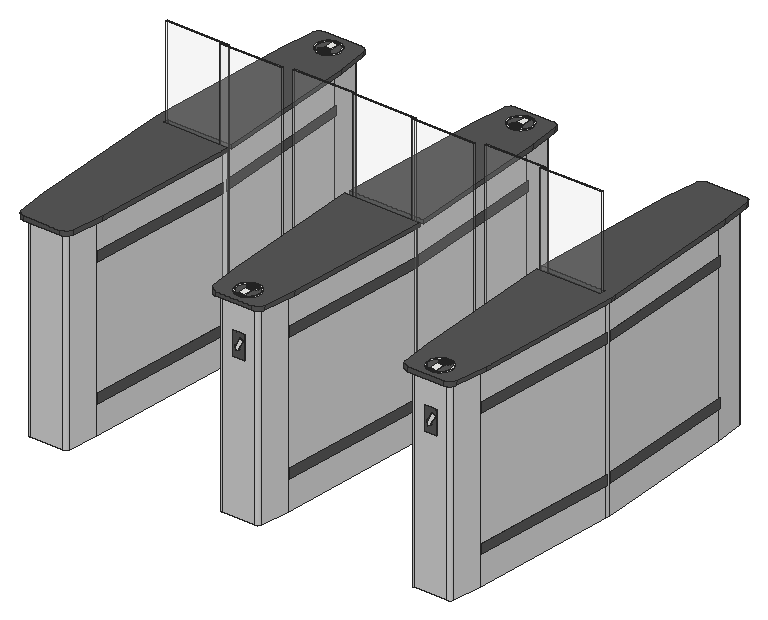
Revit family "ST-02", category Generic Models, Revit 2019 (continued)
Definition of nested family "Section Bilateral-STD02 600"
  Automatic sketch dimensions
    Extrusion 4 sketch curve to Extrusion 4 sketch curve = 40 mm  (x2)
    Extrusion 4 sketch curve to plane 1 "По центру (Вперед/Назад)" = 15 mm
    plane 6 to Extrusion 4 sketch curve = 10.102 mm  (x2)
    Extrusion 4 sketch curve to plane 7 = 10.102 mm  (x2)
    plane 1 "По центру (Вперед/Назад)" to Extrusion 1 sketch curve = 10 mm  (x2)
    Extrusion 1 sketch curve to plane 4 = 6723.064 mm
    Extrusion 1 sketch curve to plane 1 "По центру (Вперед/Назад)" = 10 mm  (x2)
    Extrusion 1 sketch curve to Extrusion 1 sketch curve = 0 mm  (x3)
    plane 6 to Extrusion 1 sketch curve = 39.933 mm  (x2)
    plane 6 to Extrusion 1 sketch curve = 77.834 mm  (x2)
    plane 3 "По центру (Влево/Вправо)" to Extrusion 1 sketch curve = 83.166 mm
    Extrusion 1 sketch curve to plane 7 = 77.834 mm
    Extrusion 1 sketch curve to plane 7 = 39.933 mm  (x2)
    plane 5 to Extrusion 1 sketch curve = 6723.064 mm
    plane 1 "По центру (Вперед/Назад)" to Extrusion 1 sketch curve = 760.641 mm
    Extrusion 1 sketch curve to Extrusion 1 sketch curve = 150.859 mm  (x3)
    Extrusion 1 sketch curve to Extrusion 1 sketch curve = 20 mm  (x2)
    Extrusion 1 sketch curve to plane 1 "По центру (Вперед/Назад)" = 760.641 mm
    radius of Extrusion 7 sketch curve = 55 mm
    radius of Extrusion 8 sketch curve = 55 mm
  Nested families
    nested 1: "Sash for section" at (0, 0, 250), type "Sash 300"
  Definition of nested family "Sash for section"
    Parameters (values of type "Sash 470")
      Width = 470 mm
    Types (2, lengths in mm): name | Width
      Sash 300 | 320
      Sash 470 | 470
    Reference planes
      plane 1 "По центру (Вперед/Назад)": y = 0
      plane 2: z = 0
      plane 3 "По центру (Влево/Вправо)": x = 0
      plane 4: x = -160
      plane 5: x = 310
    Forms (mm)
      Extrusion 1, solid
        sketch origin (0, 0, 0) x (1, 0, 0) y (0, 0, 1)
          loop
            line (-160, 0) -> (310, 0) -> (310, 1232) -> (-160, 1232) -> (-160, 0)
        from -5 to 5
    Dimensions and locks
      "Width": plane 4 to plane 5
      locked: plane 4 to plane 3 "По центру (Влево/Вправо)" at 160
      aligned and locked: level to plane 2
    Automatic sketch dimensions
      plane 4 to Extrusion 1 sketch curve = 0 mm
      Extrusion 1 sketch curve to level = 0 mm
      plane 5 to Extrusion 1 sketch curve = 0 mm
      level to Extrusion 1 sketch curve = 1232 mm
Definition of nested family "Section Slave-ST02 600"
  Parameters (values of type "Section Slave-ST02 600")
    Section width = 382 mm
    Bottom Width = Section width - 60 mm  # 322 mm
    Throughput rate = "60 persons/min"
    Operating temperature = "from +1°С to +50°С"
    Electrical connection = "220 V"
    Top [instance] = yes
    URL = "https://www.perco.com/products/st-02-speed-gate-with-standard-sliding-panels.php"
    Manufacturer = "PERCo"  # constant formula
    Dimensions = "1923×1364×1482 mm with 600 mm sliding panels"
    Current = "8,5 A"
    Rated power = "204 W"
    Operating voltage = "24 V DC"
    Name = "ST-02 Speed gate"
    Full name = "ST-02 Speed Gate"
    Material = "Sections – stainless steel.  \r\nTop covers, sliding panels, filler panels – 10 mm tempered glass."
    Weight = "from 424 kg"
    Number = 1
    Unit of measurement = "pcs"
  Reference planes
    plane 1 "По центру (Вперед/Назад)": y = 0
    plane 2: z = 0
    plane 3 "По центру (Влево/Вправо)": x = 0
    plane 4: x = -161
    plane 5: x = 161
    plane 6: x = 191
    plane 7: x = -191
  Forms (mm)
    Extrusion 1, solid
      sketch origin (0, 0, 0) x (-1, 0, 0) y (0, -1, 0)
        loop
          line (-83.166, -931.5) -> (83.166, -931.5)
          arc (83.166, -931.5) -> (96.374, -926.519) -> (103.002, -914.056) r 20
          arc (103.002, -914.056) -> (112.453, -837.397) -> (121.067, -760.641) r 7075.064
          line (121.067, -760.641) -> (-121.067, -760.641)
          arc (-121.067, -760.641) -> (-112.453, -837.397) -> (-103.002, -914.056) r 7075.064
          arc (-103.002, -914.056) -> (-96.374, -926.519) -> (-83.166, -931.5) r 20
        loop
          arc (-83.166, 931.5) -> (-96.374, 926.519) -> (-103.002, 914.056) r 20
          arc (-103.002, 914.056) -> (-112.453, 837.397) -> (-121.067, 760.641) r 7075.064
          line (-121.067, 760.641) -> (121.067, 760.641)
          arc (121.067, 760.641) -> (112.453, 837.397) -> (103.002, 914.056) r 7075.064
          arc (103.002, 914.056) -> (96.374, 926.519) -> (83.166, 931.5) r 20
          line (83.166, 931.5) -> (-83.166, 931.5)
      from 0 to 1000
    Extrusion 2, solid
      sketch origin (0, 0, 0) x (-1, 0, 0) y (0, -1, 0)
        loop
          arc (-121.067, 760.641) -> (-151.01, 385.851) -> (-161, 10) r 7075.064
          line (-161, 10) -> (-161, -10)
          arc (-161, -10) -> (-151.01, -385.851) -> (-121.067, -760.641) r 7075.064
          line (-121.067, -760.641) -> (121.067, -760.641)
          arc (121.067, -760.641) -> (151.01, -385.851) -> (161, -10) r 7075.064
          line (161, -10) -> (161, 10)
          arc (161, 10) -> (151.01, 385.851) -> (121.067, 760.641) r 7075.064
          line (121.067, 760.641) -> (-121.067, 760.641)
      from 0 to 1000
    Extrusion 3, void
      sketch origin (0, 0, 0) x (-1, 0, 0) y (0, -1, 0)
        loop
          line (-136, 15) -> (-136, -15) -> (191, -15) -> (191, 15) -> (-136, 15)
      from 250 to 1000
    Extrusion 4, solid
      sketch origin (0, 0, 0) x (-1, 0, 0) y (0, -1, 0)
        loop
          line (-191, 10) -> (-191, -10)
          arc (-191, -10) -> (-180.967, -387.445) -> (-150.898, -763.824) r 7105.064
          arc (-150.898, -763.824) -> (-141.729, -845.298) -> (-131.62, -926.661) r 7105.064
          arc (-131.62, -926.661) -> (-118.351, -951.553) -> (-91.955, -961.5) r 40
          line (-91.955, -961.5) -> (91.955, -961.5)
          arc (91.955, -961.5) -> (118.351, -951.553) -> (131.62, -926.661) r 40
          arc (131.62, -926.661) -> (141.729, -845.298) -> (150.898, -763.824) r 7105.064
          arc (150.898, -763.824) -> (180.834, -389.941) -> (190.998, -15) r 7105.064
          line (190.998, -15) -> (-136, -15) -> (-136, 15) -> (190.998, 15)
          arc (190.998, 15) -> (180.834, 389.941) -> (150.898, 763.824) r 7105.064
          arc (150.898, 763.824) -> (141.729, 845.298) -> (131.62, 926.661) r 7105.064
          arc (131.62, 926.661) -> (118.351, 951.553) -> (91.955, 961.5) r 40
          line (91.955, 961.5) -> (-91.955, 961.5)
          arc (-91.955, 961.5) -> (-118.351, 951.553) -> (-131.62, 926.661) r 40
          arc (-131.62, 926.661) -> (-141.729, 845.298) -> (-150.898, 763.824) r 7105.064
          arc (-150.898, 763.824) -> (-180.967, 387.445) -> (-191, 10) r 7105.064
      from 1000 to 1021
    Extrusion 5, solid
      sketch origin (0, 0, 0) x (-1, 0, 0) y (0, -1, 0)
        loop
          line (-121.067, 760.641) -> (-126.095, 760.641)
          arc (-126.095, 760.641) -> (-155.884, 388.347) -> (-165.998, 15) r 7080.064
          line (-165.998, 15) -> (-160.998, 15)
          arc (-160.998, 15) -> (-150.876, 388.347) -> (-121.067, 760.641) r 7075.064
        loop
          line (160.998, 15) -> (165.998, 15)
          arc (165.998, 15) -> (155.884, 388.347) -> (126.095, 760.641) r 7080.064
          line (126.095, 760.641) -> (121.067, 760.641)
          arc (121.067, 760.641) -> (150.876, 388.347) -> (160.998, 15) r 7075.064
        loop
          line (-160.998, -15) -> (-165.998, -15)
          arc (-165.998, -15) -> (-155.884, -388.347) -> (-126.095, -760.641) r 7080.064
          line (-126.095, -760.641) -> (-121.067, -760.641)
          arc (-121.067, -760.641) -> (-150.876, -388.347) -> (-160.998, -15) r 7075.064
        loop
          line (121.067, -760.641) -> (126.095, -760.641)
          arc (126.095, -760.641) -> (155.884, -388.347) -> (165.998, -15) r 7080.064
          line (165.998, -15) -> (160.998, -15)
          arc (160.998, -15) -> (150.876, -388.347) -> (121.067, -760.641) r 7075.064
      from 800 to 850
    Extrusion 6, solid
      sketch origin (0, 0, 0) x (-1, 0, 0) y (0, -1, 0)
        loop
          line (-121.067, 760.641) -> (-126.095, 760.641)
          arc (-126.095, 760.641) -> (-155.884, 388.347) -> (-165.998, 15) r 7080.064
          line (-165.998, 15) -> (-160.998, 15)
          arc (-160.998, 15) -> (-150.876, 388.347) -> (-121.067, 760.641) r 7075.064
        loop
          line (160.998, 15) -> (165.998, 15)
          arc (165.998, 15) -> (155.884, 388.347) -> (126.095, 760.641) r 7080.064
          line (126.095, 760.641) -> (121.067, 760.641)
          arc (121.067, 760.641) -> (150.876, 388.347) -> (160.998, 15) r 7075.064
        loop
          line (-160.998, -15) -> (-165.998, -15)
          arc (-165.998, -15) -> (-155.884, -388.347) -> (-126.095, -760.641) r 7080.064
          line (-126.095, -760.641) -> (-121.067, -760.641)
          arc (-121.067, -760.641) -> (-150.876, -388.347) -> (-160.998, -15) r 7075.064
        loop
          line (121.067, -760.641) -> (126.095, -760.641)
          arc (126.095, -760.641) -> (155.884, -388.347) -> (165.998, -15) r 7080.064
          line (165.998, -15) -> (160.998, -15)
          arc (160.998, -15) -> (150.876, -388.347) -> (121.067, -760.641) r 7075.064
      from 150 to 200
    Extrusion 7, solid, visible <- "Top"
      sketch origin (0, -41.5, 0) x (-1, 0, 0) y (0, -1, 0)
        loop
          circle (0, 830) r 60
        loop
          circle (0, 830) r 55
        loop
          line (0, 874.437) -> (-15, 874.437) -> (-15, 824.437) -> (15, 824.437) -> (15, 874.437) -> (0, 874.437)
        loop
          arc (-15, 814.437) -> (-17.035, 813.838) -> (-16.435, 811.803) r 1.5
          arc (-16.435, 811.803) -> (0, 807.617) -> (16.435, 811.803) r 34.358
          arc (16.435, 811.803) -> (17.035, 813.838) -> (15, 814.437) r 1.5
          arc (15, 814.437) -> (0, 810.617) -> (-15, 814.437) r 31.358
        loop
          arc (22.354, 805.884) -> (0.116, 797.617) -> (-22.178, 805.734) r 34.358
          arc (-22.178, 805.734) -> (-24.391, 805.819) -> (-24.306, 803.606) r 1.509
          arc (-24.306, 803.606) -> (0.116, 794.617) -> (24.481, 803.757) r 37.358
          arc (24.481, 803.757) -> (24.567, 805.969) -> (22.354, 805.884) r 1.509
        loop
          arc (30.638, 797.6) -> (30.266, 799.688) -> (28.178, 799.316) r 1.5
          arc (28.178, 799.316) -> (0, 784.617) -> (-28.178, 799.316) r 34.358
          arc (-28.178, 799.316) -> (-30.266, 799.688) -> (-30.638, 797.6) r 1.5
          arc (-30.638, 797.6) -> (0, 781.617) -> (30.638, 797.6) r 37.358
      from 1021 to 1022
    Extrusion 8, solid
      sketch origin (0, -41.5, 0) x (-1, 0, 0) y (0, 0, 1)
        loop
          line (0, 855) -> (-30, 855) -> (-30, 735) -> (30, 735) -> (30, 855) -> (0, 855)
        loop
          line (16.618, 786.68) -> (-6.856, 830.828) -> (-15.685, 826.133) -> (-24.515, 821.438) -> (-1.041, 777.291) -> (-5.456, 774.943) -> (16.181, 766.202) -> (21.033, 789.028) -> (16.618, 786.68)
      from -891 to -890
    Extrusion 9, solid
      sketch origin (0, -41.5, 0) x (-1, 0, 0) y (0, 0, 1)
        loop
          line (-15.685, 826.133) -> (-24.515, 821.438) -> (-1.041, 777.291) -> (-5.456, 774.943) -> (16.181, 766.202) -> (21.033, 789.028) -> (16.618, 786.68) -> (-6.856, 830.828) -> (-15.685, 826.133)
      from -891 to -890
  Cuts and joins
    Extrusion 3 cuts Extrusion 2
    Extrusion 3 cuts Extrusion 5
  Dimensions and locks
    equal spacing: plane 4, plane 3 "По центру (Влево/Вправо)", plane 5
    "Bottom Width": plane 4 to plane 5
    plane 6 to plane 7 = 382 mm
    aligned and locked: level to plane 2
    aligned and locked: plane 1 "По центру (Вперед/Назад)" to nested 1
  Automatic sketch dimensions
    Extrusion 2 sketch curve to plane 5 = 0 mm
    Extrusion 2 sketch curve to plane 4 = 0 mm
    Extrusion 2 sketch curve to plane 1 "По центру (Вперед/Назад)" = 10 mm  (x2)
    Extrusion 2 sketch curve to plane 6 = 6723.064 mm
    plane 1 "По центру (Вперед/Назад)" to Extrusion 2 sketch curve = 10 mm  (x2)
    Extrusion 2 sketch curve to Extrusion 2 sketch curve = 0 mm
    Extrusion 2 sketch curve to plane 5 = 39.933 mm  (x2)
    plane 4 to Extrusion 2 sketch curve = 39.933 mm  (x2)
    Extrusion 3 sketch curve to plane 7 = 0 mm
    Extrusion 3 sketch curve to plane 5 = 25 mm
    Extrusion 3 sketch curve to plane 1 "По центру (Вперед/Назад)" = 15 mm
    plane 1 "По центру (Вперед/Назад)" to Extrusion 3 sketch curve = 15 mm
    Extrusion 5 sketch curve to Extrusion 5 sketch curve = 0 mm  (x11)
    plane 1 "По центру (Вперед/Назад)" to Extrusion 5 sketch curve = 10 mm  (x2)
    Extrusion 5 sketch curve to plane 6 = 6723.064 mm
    plane 5 to Extrusion 5 sketch curve = 4.998 mm  (x2)
    Extrusion 5 sketch curve to plane 5 = 0.002 mm  (x2)
    Extrusion 5 sketch curve to plane 5 = 34.905 mm  (x2)
    plane 4 to Extrusion 5 sketch curve = 39.933 mm  (x2)
    Extrusion 5 sketch curve to Extrusion 5 sketch curve = 5.028 mm  (x2)
    plane 4 to Extrusion 5 sketch curve = 0.002 mm  (x2)
    Extrusion 5 sketch curve to plane 1 "По центру (Вперед/Назад)" = 10 mm
    plane 7 to Extrusion 5 sketch curve = 6723.064 mm
    Extrusion 5 sketch curve to plane 1 "По центру (Вперед/Назад)" = 15 mm  (x2)
    plane 1 "По центру (Вперед/Назад)" to Extrusion 5 sketch curve = 15 mm  (x2)
    Extrusion 6 sketch curve to Extrusion 6 sketch curve = 0 mm  (x11)
    plane 1 "По центру (Вперед/Назад)" to Extrusion 6 sketch curve = 10 mm  (x2)
    Extrusion 6 sketch curve to plane 6 = 6723.064 mm
    plane 5 to Extrusion 6 sketch curve = 4.998 mm  (x2)
    Extrusion 6 sketch curve to plane 5 = 0.002 mm  (x2)
    Extrusion 6 sketch curve to plane 5 = 34.905 mm  (x2)
    plane 4 to Extrusion 6 sketch curve = 39.933 mm  (x2)
    Extrusion 6 sketch curve to Extrusion 6 sketch curve = 5.028 mm  (x2)
    plane 4 to Extrusion 6 sketch curve = 0.002 mm  (x2)
    Extrusion 6 sketch curve to plane 1 "По центру (Вперед/Назад)" = 10 mm
    plane 7 to Extrusion 6 sketch curve = 6723.064 mm
    Extrusion 6 sketch curve to plane 1 "По центру (Вперед/Назад)" = 15 mm  (x2)
    plane 1 "По центру (Вперед/Назад)" to Extrusion 6 sketch curve = 15 mm  (x2)
    Extrusion 7 sketch curve to Extrusion 7 sketch curve = 0 mm  (x20)
    Extrusion 7 sketch curve to plane 3 "По центру (Влево/Вправо)" = 0 mm  (x5)
    plane 3 "По центру (Влево/Вправо)" to Extrusion 7 sketch curve = 15 mm
    Extrusion 7 sketch curve to Extrusion 7 sketch curve = 0.718 mm  (x3)
    Extrusion 7 sketch curve to Extrusion 7 sketch curve = 7.607 mm
    Extrusion 7 sketch curve to Extrusion 7 sketch curve = 6.084 mm
    Extrusion 7 sketch curve to plane 3 "По центру (Влево/Вправо)" = 15 mm
    Extrusion 7 sketch curve to Extrusion 7 sketch curve = 7.782 mm
    Extrusion 7 sketch curve to Extrusion 7 sketch curve = 5.908 mm
    plane 1 "По центру (Вперед/Назад)" to Extrusion 7 sketch curve = 839.958 mm
    Extrusion 7 sketch curve to Extrusion 7 sketch curve = 6.294 mm
    Extrusion 7 sketch curve to Extrusion 7 sketch curve = 6.444 mm
    Extrusion 7 sketch curve to Extrusion 7 sketch curve = 8.218 mm
    Extrusion 7 sketch curve to Extrusion 7 sketch curve = 8.368 mm
    Extrusion 7 sketch curve to Extrusion 7 sketch curve = 5.855 mm
    Extrusion 7 sketch curve to Extrusion 7 sketch curve = 11.317 mm
    Extrusion 7 sketch curve to Extrusion 7 sketch curve = 11.025 mm
    Extrusion 7 sketch curve to Extrusion 7 sketch curve = 1.975 mm
    Extrusion 7 sketch curve to Extrusion 7 sketch curve = 10 mm
    Extrusion 7 sketch curve to Extrusion 7 sketch curve = 32.463 mm
    Extrusion 7 sketch curve to Extrusion 7 sketch curve = 1.146 mm  (x2)
    Extrusion 7 sketch curve to Extrusion 7 sketch curve = 0.982 mm
    Extrusion 7 sketch curve to Extrusion 7 sketch curve = 1.23 mm
    Extrusion 7 sketch curve to Extrusion 7 sketch curve = 29.362 mm
    Extrusion 8 sketch curve to plane 3 "По центру (Влево/Вправо)" = 0 mm
    plane 3 "По центру (Влево/Вправо)" to Extrusion 8 sketch curve = 1.041 mm
    Extrusion 8 sketch curve to Extrusion 8 sketch curve = 4.415 mm  (x2)
    plane 3 "По центру (Влево/Вправо)" to Extrusion 8 sketch curve = 6.856 mm
    Extrusion 8 sketch curve to Extrusion 8 sketch curve = 8.829 mm  (x2)
    plane 3 "По центру (Влево/Вправо)" to Extrusion 8 sketch curve = 30 mm
    Extrusion 8 sketch curve to plane 3 "По центру (Влево/Вправо)" = 16.181 mm
    Extrusion 8 sketch curve to plane 3 "По центру (Влево/Вправо)" = 16.618 mm
    Extrusion 8 sketch curve to plane 3 "По центру (Влево/Вправо)" = 30 mm
    level to Extrusion 8 sketch curve = 735 mm
    Extrusion 8 sketch curve to Extrusion 8 sketch curve = 31.202 mm
    Extrusion 8 sketch curve to Extrusion 8 sketch curve = 8.742 mm
    Extrusion 8 sketch curve to Extrusion 8 sketch curve = 2.347 mm
    Extrusion 8 sketch curve to Extrusion 8 sketch curve = 9.389 mm
    Extrusion 8 sketch curve to Extrusion 8 sketch curve = 24.172 mm
    plane 3 "По центру (Влево/Вправо)" to Extrusion 9 sketch curve = 24.515 mm
    Extrusion 9 sketch curve to Extrusion 9 sketch curve = 8.829 mm
    plane 3 "По центру (Влево/Вправо)" to Extrusion 9 sketch curve = 6.856 mm
    plane 3 "По центру (Влево/Вправо)" to Extrusion 9 sketch curve = 5.456 mm
    plane 3 "По центру (Влево/Вправо)" to Extrusion 9 sketch curve = 1.041 mm
    Extrusion 9 sketch curve to plane 3 "По центру (Влево/Вправо)" = 16.181 mm
    Extrusion 9 sketch curve to plane 3 "По центру (Влево/Вправо)" = 16.618 mm
    Extrusion 9 sketch curve to Extrusion 9 sketch curve = 4.415 mm
    level to Extrusion 9 sketch curve = 766.202 mm
    Extrusion 9 sketch curve to Extrusion 9 sketch curve = 8.742 mm
    Extrusion 9 sketch curve to Extrusion 9 sketch curve = 2.347 mm
    Extrusion 9 sketch curve to Extrusion 9 sketch curve = 9.389 mm
    Extrusion 4 sketch curve to Extrusion 4 sketch curve = 0 mm  (x12)
    Extrusion 4 sketch curve to plane 6 = 0 mm
    Extrusion 4 sketch curve to plane 1 "По центру (Вперед/Назад)" = 10 mm  (x2)
    Extrusion 4 sketch curve to plane 6 = 6723.064 mm
    plane 1 "По центру (Вперед/Назад)" to Extrusion 4 sketch curve = 10 mm  (x2)
    Extrusion 4 sketch curve to plane 5 = 25 mm
    Extrusion 4 sketch curve to plane 5 = 69.045 mm
    plane 3 "По центру (Влево/Вправо)" to Extrusion 4 sketch curve = 91.955 mm
    plane 4 to Extrusion 4 sketch curve = 69.045 mm  (x2)
    Extrusion 4 sketch curve to plane 7 = 0.002 mm  (x2)
    plane 7 to Extrusion 4 sketch curve = 6723.064 mm
    Extrusion 4 sketch curve to plane 1 "По центру (Вперед/Назад)" = 15 mm
    Extrusion 4 sketch curve to Extrusion 4 sketch curve = 906.5 mm  (x2)
    Extrusion 4 sketch curve to Extrusion 4 sketch curve = 40 mm  (x2)
    plane 1 "По центру (Вперед/Назад)" to Extrusion 4 sketch curve = 15 mm
    Extrusion 4 sketch curve to plane 5 = 10.102 mm  (x2)
    plane 4 to Extrusion 4 sketch curve = 10.102 mm  (x2)
    Extrusion 1 sketch curve to plane 1 "По центру (Вперед/Назад)" = 10 mm  (x2)
    Extrusion 1 sketch curve to plane 6 = 6723.064 mm
    plane 1 "По центру (Вперед/Назад)" to Extrusion 1 sketch curve = 10 mm  (x2)
    Extrusion 1 sketch curve to Extrusion 1 sketch curve = 0 mm  (x3)
    Extrusion 1 sketch curve to plane 5 = 39.933 mm  (x2)
    Extrusion 1 sketch curve to plane 5 = 77.834 mm
    plane 3 "По центру (Влево/Вправо)" to Extrusion 1 sketch curve = 83.166 mm
    Extrusion 1 sketch curve to Extrusion 1 sketch curve = 166.332 mm
    plane 4 to Extrusion 1 sketch curve = 77.834 mm
    plane 4 to Extrusion 1 sketch curve = 39.933 mm  (x2)
    plane 7 to Extrusion 1 sketch curve = 6723.064 mm
    Extrusion 1 sketch curve to plane 1 "По центру (Вперед/Назад)" = 760.641 mm
    Extrusion 1 sketch curve to Extrusion 1 sketch curve = 150.859 mm  (x3)
    Extrusion 1 sketch curve to Extrusion 1 sketch curve = 20 mm  (x2)
    plane 1 "По центру (Вперед/Назад)" to Extrusion 1 sketch curve = 760.641 mm
    radius of Extrusion 7 sketch curve = 55 mm
  Nested families
    nested 1: "Sash for section" at (-24, 0, 250), type "Sash 300"
  Definition of nested family "Sash for section"
    Parameters (values of type "Sash 300")
      Width = 320 mm
    Types (2, lengths in mm): name | Width
      Sash 470 | 470
      Sash 300 | 320
    Reference planes
      plane 1 "По центру (Вперед/Назад)": y = 0
      plane 2: z = 0
      plane 3 "По центру (Влево/Вправо)": x = 0
      plane 4: x = -160
      plane 5: x = 160
    Forms (mm)
      Extrusion 1, solid
        sketch origin (0, 0, 0) x (1, 0, 0) y (0, 0, 1)
          loop
            line (-160, 0) -> (160, 0) -> (160, 1232) -> (-160, 1232) -> (-160, 0)
        from -5 to 5
    Dimensions and locks
      "Width": plane 4 to plane 5
      locked: plane 4 to plane 3 "По центру (Влево/Вправо)" at 160
      aligned and locked: level to plane 2
    Automatic sketch dimensions
      plane 4 to Extrusion 1 sketch curve = 0 mm
      Extrusion 1 sketch curve to level = 0 mm
      plane 5 to Extrusion 1 sketch curve = 0 mm
      level to Extrusion 1 sketch curve = 1232 mm
Definition of nested family "Sash for ST-02"
  Parameters (values of type "Sash 320")
    Width = 320 mm
    Weight = ""
    Unit of measurement = "pcs"
    Note = ""
    Material = "Top covers, sliding panels, filler panels – 10 mm tempered glass."
    Mark = "470"
    Manufacturer = "PERCo"  # constant formula
    Full name = "ST-02 Speed Gate"  # constant formula
    Amount = 0.5
  Types (2): name
    Sash 470
    Sash 320
  Reference planes
    plane 1 "По центру (Вперед/Назад)": y = 0
    plane 2: z = 0
    plane 3 "По центру (Влево/Вправо)": x = 0
    plane 4: x = -160
    plane 5: x = 160
  Forms (mm)
    Extrusion 1, solid
      sketch origin (0, 0, 0) x (1, 0, 0) y (0, 0, 1)
        loop
          line (-160, 0) -> (160, 0) -> (160, 1232) -> (-160, 1232) -> (-160, 0)
      from -5 to 5
  Dimensions and locks
    "Width": plane 4 to plane 5
    locked: plane 4 to plane 3 "По центру (Влево/Вправо)" at 160
    aligned and locked: level to plane 2
  Automatic sketch dimensions
    plane 4 to Extrusion 1 sketch curve = 0 mm
    Extrusion 1 sketch curve to level = 0 mm
    plane 5 to Extrusion 1 sketch curve = 0 mm
    level to Extrusion 1 sketch curve = 1232 mm
Definition of nested family "Arrow"
  Parameters (values of type "Arrow")
    Height = 0 mm
  Reference planes
    plane 1 "По центру (Вперед/Назад)": y = 0
    plane 2: z = 0
    plane 3 "По центру (Влево/Вправо)": x = 0
  Lines and regions (mm)
    model lines
      curve 1: line (-259.808, 225, 0) -> (259.808, 225, 0)
      curve 2: line (0, -225, 0) -> (-259.808, 225, 0)
      curve 3: line (0, -225, 0) -> (259.808, 225, 0)
  Dimensions and locks
    aligned and locked: level to plane 2
Types (4, lengths in mm): name | Width6b | Width3a | Width2a | Throughput rate | Number of passes type | Number of passes fact | Sh3 | Sh2
  (no name) | 1964 | 0 | 982 | " to 120 persons/min" | 2 | 2 | no | yes
  1 pass | 982 | 0 | 0 | " to 60 persons/min" | 1 | 1 | no | no
  2 passes | 1964 | 0 | 982 | " to 120 persons/min" | 2 | 2 | no | yes
  3 or more passes | 2946 | 982 | 982 | " to 180 persons/min" | 3 | 3 | yes | yes
